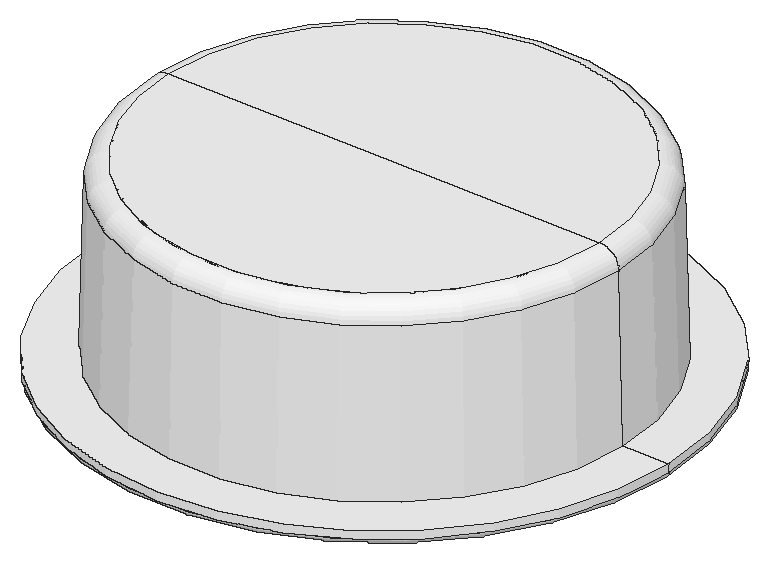
Revit family "RA 7 lente", category Lighting Fixtures, host Ceiling, Revit 2021
Family settings
  Host = Ceiling
  Round Connector Dimension = Use Diameter
  Part Type = Normal
  OmniClass Number = 23.80.70.11
  OmniClass Title = Luminaries for Internal Lighting
  Always vertical = Yes
  Cut with Voids When Loaded = No
  Light Source = Yes
  Shared = No
  Room Calculation Point = No
Parameters (values of type "RA 7 LED 453lm 4.1W 14°")
  Wattage = 3.04964 W
  built-in parameter 1150110 = 1 (stored number, unit not read)
  URL = "https://www.aria.lighting/prodotti/interni/incassi/ra-7-con-lente"
  Type Image = RA 7 lente.jpg
  Type Comments = "Ceiling recessed light"
  Tilt Angle = 90.00°
  Photometric Web File = "251-259BZ _ RA 7 LED 4,1W 453 lm 3K 14°.IES"
  built-in parameter 1150142 = "IESNA:LM-63-2002\r\n[TEST] 251-259BZ 14°/06-10-2022 / Licciardi\r\n[TESTLAB] ies2eulumdat.appspot.com\r\n[ISSUEDATE] 2022-10-30T15:12:50.130\r\n[MANUFAC] IVELA SpA\r\n[LUMCAT] 251-259B\r\n[LUMINAIRE] RA 7 LED 4,1W 453 lm 3000K 14°\r\n[LAMPCAT] RA 7 LED 4,1W 3K\r\n[LAMP] RA 7 LED 4,1W 3K\r\nTILT=NONE\r\n1\t376\t1\t73\t1\t1\t2\t-0.035\t-0.035\t0.009\r\n1.0\t1.0\t4.00\r\n0\t 2.5\t 5\t 7.5\t 10\t 12.5\t 15\t 17.5\t 20\t 22.5\r\n25\t 27.5\t 30\t 32.5\t 35\t 37.5\t 40\t 42.5\t 45\t 47.5\r\n50\t 52.5\t 55\t 57.5\t 60\t 62.5\t 65\t 67.5\t 70\t 72.5\r\n75\t 77.5\t 80\t 82.5\t 85\t 87.5\t 90\t 92.5\t 95\t 97.5\r\n100\t 102.5\t 105\t 107.5\t 110\t 112.5\t 115\t 117.5\t 120\t 122.5\r\n125\t 127.5\t 130\t 132.5\t 135\t 137.5\t 140\t 142.5\t 145\t 147.5\r\n150\t 152.5\t 155\t 157.5\t 160\t 162.5\t 165\t 167.5\t 170\t 172.5\r\n175\t 177.5\t 180\r\n0\r\n3369.3261\t3021.4565\t2225.3729\t1423.4956\t862.9161\t544.7678\t348.7957\t224.2885\t150.5613\t109.7709\r\n85.1032\t68.59\t53.9767\t44.4139\t37.2286\t31.8459\t27.2251\t23.5363\t20.5243\t18.2929\r\n16.4266\t14.2647\t12.2616\t10.586\t9.0947\t7.835\t6.7288\t5.7955\t4.8424\t3.8437\r\n2.8648\t1.9424\t1.0865\t0.4887\t0.251\t0.1132\t0.0535\t0\t0\t0\r\n0\t0\t0\t0\t0\t0\t0\t0\t0\t0\r\n0\t0\t0\t0\t0\t0\t0\t0\t0\t0\r\n0\t0\t0\t0\t0\t0\t0\t0\t0\t0\r\n0\t0\t0"
  Model = "251-259B"
  Manufacturer = "ARIA"
  Larghezza = 67 mm
  Lamp = "LED 453lm 4.1W 3000K CRI90"
  built-in parameter 1114217 = 1 (stored number, unit not read)
  built-in parameter 1150109 = 1 (stored number, unit not read)
  Wattage Comments = "4.1"
  built-in parameter 1150134 = (empty or 0)
  built-in parameter 1150113 = 1 (stored number, unit not read)
  Lumens = 453 lm
  built-in parameter 1150115 = 1 (stored number, unit not read)
  built-in parameter 1150105 = 36.049 (stored number, unit not read)
  built-in parameter 1150137 = (empty or 0)
  built-in parameter 1150139 = (empty or 0)
  built-in parameter 1150112 = 1 (stored number, unit not read)
  built-in parameter 1150114 = 1 (stored number, unit not read)
  built-in parameter 1150132 = 2
  built-in parameter 1150102 = (empty or 0)
  built-in parameter 1150138 = (empty or 0)
  built-in parameter 1150107 = 3000 (stored number, unit not read)
  built-in parameter 1150106 = 0.36049 (stored number, unit not read)
  Glass material = Glass
  built-in parameter 1150104 = 13.8 (stored number, unit not read)
  Effective Intensity (lm) = 453
  Dimming Lamp Color Temperature Shift = <None>
  Description = "RA 7 è un incasso da soffitto con lente in PMMA progettato con fonti luminose LED COB di ultima generazione.\r\nE' caratterizzato da uno spessore estremamente ridotto: il prodotto può essere installato facilmente, grazie alle molle laterali, in controsoffitti da 1 a 30 mm, anche a doghe. La cornice è integrata nel corpo del prodotto e permette un montaggio rapido. Il corpo, in pressofusione di alluminio, è stato studiato per rispondere all'esigenza tecnica di dissipazione passiva del calore generato dalla fonte luminosa.\r\nNonostante la contenuta profondità d'incasso, RA 7 garantisce ottime prestazioni illuminotecniche, ideali per l'illuminazione di corridoi e zone di passaggio, con un ottimo rapporto qualità-prezzo. Il LED driver deve essere ordinato separatamente.\r\nGrado di protezione IP43"
  Default Elevation = 0 mm
  Corrente driver (mA) = ""
  Color Filter = 16777215
  Codice = "251-259BZN-21"
  CRI L'indice di Resa Cromatica = "90"
  Body material = White Powder Coated Aluminium
  Beam angle (°) = "14°"
  built-in parameter 1114218 = 1 (stored number, unit not read)
  built-in parameter 1150133 = 10 (stored number, unit not read)
Types (4, lengths in mm): name | Wattage | Photometric Web File | built-in parameter 1150142 | Lamp | Wattage Comments | Lumens | built-in parameter 1150105 | built-in parameter 1150106 | Effective Intensity (lm) | Codice | Beam angle (°)
  RA 7 LED 453lm 4.1W 14° | 3.04964 W | "251-259BZ _ RA 7 LED 4,1W 453 lm 3K 14°.IES" | "IESNA:LM-63-2002\r\n[TEST] 251-259BZ 14°/06-10-2022 / Licciardi\r\n[TESTLAB] ies2eulumdat.appspot.com\r\n[ISSUEDATE] 2022-10-30T15:12:50.130\r\n[MANUFAC] IVELA SpA\r\n[LUMCAT] 251-259B\r\n[LUMINAIRE] RA 7 LED 4,1W 453 lm 3000K 14°\r\n[LAMPCAT] RA 7 LED 4,1W 3K\r\n[LAMP] RA 7 LED 4,1W 3K\r\nTILT=NONE\r\n1\t376\t1\t73\t1\t1\t2\t-0.035\t-0.035\t0.009\r\n1.0\t1.0\t4.00\r\n0\t 2.5\t 5\t 7.5\t 10\t 12.5\t 15\t 17.5\t 20\t 22.5\r\n25\t 27.5\t 30\t 32.5\t 35\t 37.5\t 40\t 42.5\t 45\t 47.5\r\n50\t 52.5\t 55\t 57.5\t 60\t 62.5\t 65\t 67.5\t 70\t 72.5\r\n75\t 77.5\t 80\t 82.5\t 85\t 87.5\t 90\t 92.5\t 95\t 97.5\r\n100\t 102.5\t 105\t 107.5\t 110\t 112.5\t 115\t 117.5\t 120\t 122.5\r\n125\t 127.5\t 130\t 132.5\t 135\t 137.5\t 140\t 142.5\t 145\t 147.5\r\n150\t 152.5\t 155\t 157.5\t 160\t 162.5\t 165\t 167.5\t 170\t 172.5\r\n175\t 177.5\t 180\r\n0\r\n3369.3261\t3021.4565\t2225.3729\t1423.4956\t862.9161\t544.7678\t348.7957\t224.2885\t150.5613\t109.7709\r\n85.1032\t68.59\t53.9767\t44.4139\t37.2286\t31.8459\t27.2251\t23.5363\t20.5243\t18.2929\r\n16.4266\t14.2647\t12.2616\t10.586\t9.0947\t7.835\t6.7288\t5.7955\t4.8424\t3.8437\r\n2.8648\t1.9424\t1.0865\t0.4887\t0.251\t0.1132\t0.0535\t0\t0\t0\r\n0\t0\t0\t0\t0\t0\t0\t0\t0\t0\r\n0\t0\t0\t0\t0\t0\t0\t0\t0\t0\r\n0\t0\t0\t0\t0\t0\t0\t0\t0\t0\r\n0\t0\t0" | "LED 453lm 4.1W 3000K CRI90" | "4.1" | 453 lm | 36.049 (stored number, unit not read) | 0.36049 (stored number, unit not read) | 453 | "251-259BZN-21" | "14°"
  RA 7 LED 453lm 4.1W 36° | 3.04964 W | "251-259BW _ RA 7 LED 4,1W 453 lm 3K 36°.IES" | "IESNA:LM-63-2002\r\n[TEST] 251-259BW 36°/07-10-2022 / Licciardi\r\n[TESTLAB] ies2eulumdat.appspot.com\r\n[ISSUEDATE] 2022-10-30T15:10:35.609\r\n[MANUFAC] IVELA SpA\r\n[LUMCAT] 251-259BW\r\n[LUMINAIRE] RA 7 LED 4,1W 3000K 36°\r\n[LAMPCAT] RA 7 LED 4,1W 3K\r\n[LAMP] RA 7 LED 4,1W 3K\r\nTILT=NONE\r\n1\t376\t1\t73\t1\t1\t2\t-0.035\t-0.035\t0.009\r\n1.0\t1.0\t4.00\r\n0\t 2.5\t 5\t 7.5\t 10\t 12.5\t 15\t 17.5\t 20\t 22.5\r\n25\t 27.5\t 30\t 32.5\t 35\t 37.5\t 40\t 42.5\t 45\t 47.5\r\n50\t 52.5\t 55\t 57.5\t 60\t 62.5\t 65\t 67.5\t 70\t 72.5\r\n75\t 77.5\t 80\t 82.5\t 85\t 87.5\t 90\t 92.5\t 95\t 97.5\r\n100\t 102.5\t 105\t 107.5\t 110\t 112.5\t 115\t 117.5\t 120\t 122.5\r\n125\t 127.5\t 130\t 132.5\t 135\t 137.5\t 140\t 142.5\t 145\t 147.5\r\n150\t 152.5\t 155\t 157.5\t 160\t 162.5\t 165\t 167.5\t 170\t 172.5\r\n175\t 177.5\t 180\r\n0\r\n783.958\t776.8387\t756.7283\t723.2684\t672.6416\t598.91\t506.2408\t409.4374\t318.8081\t239.9588\r\n176.8411\t130.3751\t97.0973\t73.4592\t56.7683\t44.9282\t36.37\t30.0646\t25.2834\t21.6746\r\n18.9313\t16.7323\t14.5926\t12.9356\t11.5696\t10.5434\t9.5962\t8.462\t6.9863\t5.3707\r\n3.868\t2.5503\t1.4554\t0.7606\t0.3773\t0.1803\t0.0812\t0\t0\t0\r\n0\t0\t0\t0\t0\t0\t0\t0\t0\t0\r\n0\t0\t0\t0\t0\t0\t0\t0\t0\t0\r\n0\t0\t0\t0\t0\t0\t0\t0\t0\t0\r\n0\t0\t0" | "LED 453lm 4.1W 3000K CRI90" | "4.1" | 453 lm | 36.049 (stored number, unit not read) | 0.36049 (stored number, unit not read) | 453 | "251-259BWN-21" | "36°"
  RA 7 LED 619lm 6W 14° | 4.16717 W | "251-259BZ _ RA 7 LED 6W 619 lm 3K 14°.IES" | "IESNA:LM-63-2002\r\n[TEST] 251-259BZ 14°/06-10-2022 / Licciardi\r\n[TESTLAB] ies2eulumdat.appspot.com\r\n[ISSUEDATE] 2022-10-30T15:13:29.490\r\n[MANUFAC] IVELA SpA\r\n[LUMCAT] 251-259BZ\r\n[LUMINAIRE] RA 7 LED 6W 619 lm 3000K 14°\r\n[LAMPCAT] RA 7 LED 6W 3K\r\n[LAMP] RA 7 LED 6W 3K\r\nTILT=NONE\r\n1\t513\t1\t73\t1\t1\t2\t-0.035\t-0.035\t0.009\r\n1.0\t1.0\t6.00\r\n0\t 2.5\t 5\t 7.5\t 10\t 12.5\t 15\t 17.5\t 20\t 22.5\r\n25\t 27.5\t 30\t 32.5\t 35\t 37.5\t 40\t 42.5\t 45\t 47.5\r\n50\t 52.5\t 55\t 57.5\t 60\t 62.5\t 65\t 67.5\t 70\t 72.5\r\n75\t 77.5\t 80\t 82.5\t 85\t 87.5\t 90\t 92.5\t 95\t 97.5\r\n100\t 102.5\t 105\t 107.5\t 110\t 112.5\t 115\t 117.5\t 120\t 122.5\r\n125\t 127.5\t 130\t 132.5\t 135\t 137.5\t 140\t 142.5\t 145\t 147.5\r\n150\t 152.5\t 155\t 157.5\t 160\t 162.5\t 165\t 167.5\t 170\t 172.5\r\n175\t 177.5\t 180\r\n0\r\n4596.9795\t4122.3595\t3036.2135\t1942.1629\t1177.3296\t743.2604\t475.8835\t306.0107\t205.4201\t149.7672\r\n116.1115\t93.5815\t73.6438\t60.5966\t50.7933\t43.4494\t37.1449\t32.112\t28.0026\t24.9581\r\n22.4118\t19.4621\t16.7292\t14.4432\t12.4085\t10.6897\t9.1806\t7.9072\t6.6068\t5.2442\r\n3.9086\t2.6502\t1.4824\t0.6668\t0.3424\t0.1544\t0.0729\t0\t0\t0\r\n0\t0\t0\t0\t0\t0\t0\t0\t0\t0\r\n0\t0\t0\t0\t0\t0\t0\t0\t0\t0\r\n0\t0\t0\t0\t0\t0\t0\t0\t0\t0\r\n0\t0\t0" | "LED 619lm 6W 3000K CRI90" | "6" | 619 lm | 5546.8 (stored number, unit not read) | 55.468 (stored number, unit not read) | 619 | "251-259BZN-21" | "14°"
  RA 7 LED 619lm 6W 36° | 4.16717 W | "251-259BW _ RA 7 LED 6W 619 lm 3K 36°.IES" | "IESNA:LM-63-2002\r\n[TEST] 251-259BW 36°/07-10-2022 / Licciardi\r\n[TESTLAB] ies2eulumdat.appspot.com\r\n[ISSUEDATE] 2022-10-30T15:12:06.366\r\n[MANUFAC] IVELA SpA\r\n[LUMCAT] 251-259BW\r\n[LUMINAIRE] RA 7 LED 6W 619 lm 3000K 36°\r\n[LAMPCAT] RA 7 LED 6W 3K\r\n[LAMP] RA 7 LED 6W 3K\r\nTILT=NONE\r\n1\t513\t1\t73\t1\t1\t2\t-0.035\t-0.035\t0.009\r\n1.0\t1.0\t6.00\r\n0\t 2.5\t 5\t 7.5\t 10\t 12.5\t 15\t 17.5\t 20\t 22.5\r\n25\t 27.5\t 30\t 32.5\t 35\t 37.5\t 40\t 42.5\t 45\t 47.5\r\n50\t 52.5\t 55\t 57.5\t 60\t 62.5\t 65\t 67.5\t 70\t 72.5\r\n75\t 77.5\t 80\t 82.5\t 85\t 87.5\t 90\t 92.5\t 95\t 97.5\r\n100\t 102.5\t 105\t 107.5\t 110\t 112.5\t 115\t 117.5\t 120\t 122.5\r\n125\t 127.5\t 130\t 132.5\t 135\t 137.5\t 140\t 142.5\t 145\t 147.5\r\n150\t 152.5\t 155\t 157.5\t 160\t 162.5\t 165\t 167.5\t 170\t 172.5\r\n175\t 177.5\t 180\r\n0\r\n1069.6022\t1059.8889\t1032.4511\t986.7998\t917.7265\t817.1299\t690.6956\t558.6207\t434.9696\t327.3906\r\n241.2753\t177.8788\t132.4759\t100.2249\t77.4525\t61.2983\t49.6218\t41.019\t34.4957\t29.572\r\n25.8292\t22.8289\t19.9096\t17.6489\t15.7851\t14.3851\t13.0927\t11.5452\t9.5319\t7.3276\r\n5.2774\t3.4796\t1.9857\t1.0377\t0.5147\t0.246\t0.1108\t0\t0\t0\r\n0\t0\t0\t0\t0\t0\t0\t0\t0\t0\r\n0\t0\t0\t0\t0\t0\t0\t0\t0\t0\r\n0\t0\t0\t0\t0\t0\t0\t0\t0\t0\r\n0\t0\t0" | "LED 619lm 6W 3000K CRI90" | "6" | 619 lm | 5546.8 (stored number, unit not read) | 55.468 (stored number, unit not read) | 619 | "251-259BWN-21" | "36°"
Reference planes
  plane 1 "Light Source Axis (F/B)": y = 0
  plane 2: z = 0
  plane 3 "Light Source Axis (L/R)": x = 0
  plane 4 "Ceiling": z = 4000
  plane 5 "Light Source Elevation": z = 3999.998
  plane 6: x = -33.5
  plane 7: x = 33.5
  plane 8: z = 4023
Forms (mm)
  Revolve 1, solid, material "White Powder Coated Aluminium" <- "Body material"
    sketch origin (0, 0, 0) x (1, 0, 0) y (0, 0, 1)
      loop
        line (-24.5, 4000) -> (-33.5, 4000) -> (-33.5, 3999.1)
        arc (-33.5, 3999.1) -> (-33.325, 3998.678) -> (-32.903, 3998.503) r 0.597
        line (-32.903, 3998.503) -> (-24.5, 3998.503) -> (-24.5, 4000)
      axis (0, 4000) -> (0, 3998.503)
    angle from 0 to 360
  Revolve 2, solid, material "White Powder Coated Aluminium" <- "Body material"
    sketch origin (0, 0, 0) x (1, 0, 0) y (0, 0, 1)
      loop
        arc (-25.367, 4020.504) -> (-26.939, 4019.865) -> (-27.619, 4018.31) r 2.253
        line (-27.619, 4018.31) -> (-28.094, 4000) -> (-23.092, 4000) -> (-22.69, 4015.504) -> (0, 4015.504) -> (0, 4020.504) -> (-25.367, 4020.504)
      axis (0, 4020.504) -> (0, 4000)
    angle from 0 to 360
  Extrusion 3, solid, material "Glass" <- "Glass material"
    sketch origin (0, 0, 4000) x (0, 1, 0) y (-1, 0, 0)
      loop
        circle (0, 0) r 24.5
    from 0 to 0.8
Lines and regions (mm)
  Opening 1
    outline origin (0, 0, 4000) x (1, 0, 0) y (0, 1, 0)
      loop
        circle (0, 0) r 30
Dimensions and locks
  equal spacing: host sketch curve, plane 3 "Light Source Axis (L/R)", host sketch curve
  equal spacing: host sketch curve, plane 1 "Light Source Axis (F/B)", host sketch curve
  host sketch curve to host sketch curve = 4000 mm  (x2)
  plane 4 "Ceiling" to host ceiling = 0 mm
  equal spacing: plane 7, plane 3 "Light Source Axis (L/R)", plane 6
  plane 8 to plane 5 "Light Source Elevation" = 23.002 mm
  "Larghezza": plane 7 to plane 6
  imposter light to plane 8 = 23.002 mm
  plane 5 "Light Source Elevation" to plane 8 = 23.002 mm
  aligned and locked: plane 3 "Light Source Axis (L/R)" to imposter light
  aligned and locked: plane 1 "Light Source Axis (F/B)" to imposter light
  aligned and locked: plane 5 "Light Source Elevation" to imposter light
  aligned and locked: Revolve 1 sketch curve to plane 6
Automatic sketch dimensions
  Opening 1 sketch curve to plane 3 "Light Source Axis (L/R)" = 0 mm
  Opening 1 sketch curve to plane 3 "Light Source Axis (L/R)" = 30 mm
  plane 1 "Light Source Axis (F/B)" to Opening 1 sketch curve = 0 mm
  Revolve 1 sketch curve to plane 4 "Ceiling" = 0 mm
  Revolve 1 sketch curve to plane 3 "Light Source Axis (L/R)" = 0 mm
  Revolve 1 sketch curve to Revolve 1 sketch curve = 0.597 mm
  plane 4 "Ceiling" to Revolve 1 sketch curve = 0.9 mm
  plane 6 to Revolve 1 sketch curve = 9 mm
  Revolve 1 sketch curve to level = 377.986 mm
  plane 8 to Revolve 1 sketch curve = 407.222 mm
  Revolve 2 sketch curve to plane 4 "Ceiling" = 0 mm
  Revolve 2 sketch curve to plane 3 "Light Source Axis (L/R)" = 0 mm  (x2)
  Revolve 2 sketch curve to plane 8 = 2.496 mm
  plane 6 to Revolve 2 sketch curve = 8.133 mm
  Revolve 2 sketch curve to plane 8 = 4.69 mm
  Revolve 2 sketch curve to Revolve 2 sketch curve = 2.252 mm
  Revolve 2 sketch curve to level = 377.986 mm
  plane 8 to Revolve 2 sketch curve = 407.222 mm
  Revolve 2 sketch curve to Revolve 2 sketch curve = 2.677 mm
  Revolve 2 sketch curve to Revolve 2 sketch curve = 5.002 mm
  Revolve 2 sketch curve to Revolve 2 sketch curve = 2.806 mm
  plane 6 to Revolve 2 sketch curve = 5.406 mm
  radius of Extrusion 3 sketch curve to Revolve 1 = 0 mm
